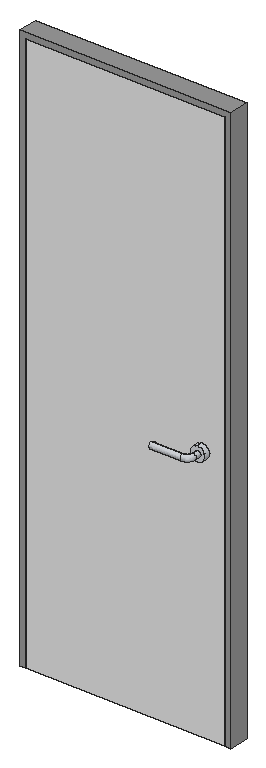
Revit family "- Roman", category Doors, host Wall, Revit 2018
Family settings
  Host = Wall
  OmniClass Number = 23.30.10.00
  OmniClass Title = Doors
  Always vertical = Yes
  Cut with Voids When Loaded = No
  Shared = No
  Room Calculation Point = No
Parameters (values of type "- 70 x 200 cm")
  Set de Marcos = ""
  Relleno = ""
  Material Marco = - Perfil Aluminio
  Material Hoja = - HDF Prefinish
  Manilla = - Manilla
  Hojas = "Simple de Abatir"
  Function = Interior
  Frame Projection Ext. = 2.50 cm
  Frame Projection Int. = 2.50 cm
  Frame Width = 7.50 cm
  Height = 200.00 cm
  Wall Closure = By host
  Width = 74.00 cm
  Distancia a Cara Interior = 6.00 cm
  Bisagras = ""
  Ancho Hoja = Width - 4.00 cm  # 70.00 cm
  Ancho = Width  # 74.00 cm
  Analytic Construction = "<None>"
  Alto = Height  # 200.00 cm
Types (12, lengths in cm): name | Material Hoja | Height | Width | Ancho Hoja | Ancho | Alto
  - 70 x 200 cm | - HDF Prefinish | 200.00 | 74.00 | 70.00 | 74.00 | 200.00
  - 75 x 200 cm | none | 200.00 | 79.00 | 75.00 | 79.00 | 200.00
  - 80 x 200 cm | none | 200.00 | 84.00 | 80.00 | 84.00 | 200.00
  - 85 x 200 cm | none | 200.00 | 89.00 | 85.00 | 89.00 | 200.00
  - 90 x 200 cm | none | 200.00 | 94.00 | 90.00 | 94.00 | 200.00
  -100 x 200 cm | none | 200.00 | 104.00 | 100.00 | 104.00 | 200.00
  - 70 x 210 cm | none | 210.00 | 74.00 | 70.00 | 74.00 | 210.00
  - 75 x 210 cm | none | 210.00 | 79.00 | 75.00 | 79.00 | 210.00
  - 80 x 210 cm | none | 210.00 | 84.00 | 80.00 | 84.00 | 210.00
  - 85 x 210 cm | none | 210.00 | 89.00 | 85.00 | 89.00 | 210.00
  - 90 x 210 cm | - HDF Prefinish | 210.00 | 94.00 | 90.00 | 94.00 | 210.00
  - 100 x 210 cm | - HDF Siena | 210.00 | 104.00 | 100.00 | 104.00 | 210.00
Reference planes (cm)
  plane 1: y = 0
  plane 2 "Center (Left/Right)": x = 0
  plane 3 "Left": x = -37
  plane 4 "Right": x = 37
  plane 5: z = 200
  plane 6 "Exterior": y = 7.5
  plane 7 "Interior": y = -7.5
  plane 8: y = -1.5
  plane 9: z = 198
  plane 10: x = -35
  plane 11: x = 35
Forms (cm)
  Sweep 1, solid, material "- Perfil Aluminio" <- "Material Marco"
    path origin (0, 7.5, 0) x (1, 0, 0) y (0, 0, 1)
      loop
        line (37, 0) -> (37, 200) -> (-37, 200) -> (-37, 0)
    profile origin (37, 7.5, 100) x (-1, 0, 0) y (0, -1, 0)
      loop
        line (0, 2) -> (3, 2) -> (3, 4.3) -> (2, 4.3) -> (2, 9) -> (0, 9) -> (0, 2)
  Extrusion 2, solid, material "- HDF Prefinish" <- "Material Hoja"
    sketch origin (0, 0, 0) x (1, 0, 0) y (0, 1, 0)
      loop
        line (-35, -1.5) -> (35, -1.5) -> (35, 3) -> (-35, 3) -> (-35, -1.5)
    from 0 to 198
  Sweep 3, solid, material "- Manilla" <- "Manilla", not visible
    path origin (5.8483, -7.5601, 0) x (1, 0, 0) y (0, 1, 0)
      loop
        line (22.1517, 15.0613) -> (32.1517, 15.0613)
        arc (32.1517, 15.0613) -> (33.5659, 14.4756) -> (34.1517, 13.0613) r 2
        line (34.1517, 13.0613) -> (34.1517, 11.0613)
    profile origin (33, 7.5012, 0) x (0, 1, 0) y (0, 0, 1)
      loop
        circle (0, 90) r 1
  Extrusion 4, solid, material "- Manilla" <- "Manilla", not visible
    sketch origin (0, 7.5, 0) x (1, 0, 0) y (0, 0, 1)
      loop
        circle (40, 90) r 2.5
    from 3.9988 to 5
Lines and regions (cm)
  Opening 1
    outline origin (-305, -7.5, 0) x (1, 0, 0) y (0, 0, 1)
      loop
        line (268, 0) -> (342, 0) -> (342, 200) -> (268, 200) -> (268, 0)
  symbolic lines, style "Elevation Swing"
    curve 1: line (37, -7.5, 100) -> (-37, -7.5, 200)
    curve 2: line (37, -7.5, 100) -> (-37, -7.5, 0)
    curve 7: arc (-30.5, -71.5, 0) -> (16.4246, -49.6941, 0) -> (35.2596, -1.5001, 0) r 69.4706
  symbolic lines
    curve 3: line (-35, -1.5, 0) -> (-35, -71.5, 0)
    curve 4: line (-30.5, -1.5, 0) -> (-35, -1.5, 0)
    curve 5: line (-30.5, -71.5, 0) -> (-30.5, -1.5, 0)
    curve 6: line (-35, -71.5, 0) -> (-30.5, -71.5, 0)
  model lines, not visible
    curve 8: line (-20, 3, 25) -> (20, 3, 25)
    curve 9: line (-20, 3, 65) -> (-20, 3, 25)
    curve 10: line (20, 3, 65) -> (8.6603, 3, 65)
    curve 11: line (20, 3, 25) -> (20, 3, 65)
    curve 12: line (-20, 3, 75) -> (-8.6603, 3, 75)
    curve 13: line (-20, 3, 75) -> (-20, 3, 169.9666)
    curve 14: line (20, 3, 75) -> (20, 3, 169.9666)
    curve 15: arc (-8.6603, 3, 65) -> (0, 3, 60) -> (8.6603, 3, 65) r 10
    curve 16: line (8.6603, 3, 75) -> (20, 3, 75)
    curve 17: line (-8.6603, 3, 65) -> (-20, 3, 65)
    curve 18: arc (8.6603, 3, 75) -> (0, 3, 80) -> (-8.6603, 3, 75) r 10
    curve 19: arc (14.9666, 3, 175) -> (0, 3, 183) -> (-14.9666, 3, 175) r 18
    curve 20: arc (-20, 3, 169.9666) -> (-16.4409, 3, 171.4409) -> (-14.9666, 3, 175) r 5.0334
    curve 21: arc (14.9666, 3, 175) -> (16.4409, 3, 171.4409) -> (20, 3, 169.9666) r 5.0334
    curve 22: line (-9.2195, 3, 64) -> (-19, 3, 64)
    curve 23: line (-19, 3, 64) -> (-19, 3, 26)
    curve 24: arc (9.2195, 3, 64) -> (0, 3, 59) -> (-9.2195, 3, 64) r 11
    curve 25: line (19, 3, 64) -> (9.2195, 3, 64)
    curve 26: line (19, 3, 26) -> (19, 3, 64)
    curve 27: line (-19, 3, 26) -> (19, 3, 26)
    curve 28: line (-18.9928, 3, 168.9932) -> (-18.9928, 3, 76)
    curve 29: arc (-13.9941, 3, 174.9045) -> (-15.4113, 3, 171.0338) -> (-18.9928, 3, 168.9932) r 5.9946
    curve 30: arc (13.9971, 3, 174.7848) -> (0.0327, 3, 182.1538) -> (-13.9941, 3, 174.9045) r 17.0542
    curve 31: arc (19, 3, 169.1276) -> (15.4988, 3, 171.072) -> (13.9971, 3, 174.7848) r 6.0089
    curve 32: line (19, 3, 76) -> (19, 3, 169.1276)
    curve 33: line (9.2195, 3, 76) -> (19, 3, 76)
    curve 34: arc (-9.2195, 3, 76) -> (0, 3, 81) -> (9.2195, 3, 76) r 11
    curve 35: line (-18.9928, 3, 76) -> (-9.2195, 3, 76)
    curve 36: arc (12.052, 3, 174.0667) -> (0.0498, 3, 180.1537) -> (-12.0243, 3, 174.2107) r 15.0542
    curve 37: arc (-12.0243, 3, 174.2107) -> (-13.561, 3, 170.1508) -> (-16.9928, 3, 167.4925) r 7.9946
    curve 38: line (-16.9928, 3, 167.4925) -> (-16.9928, 3, 78)
    curve 39: line (17, 3, 78) -> (17, 3, 167.6269)
    curve 40: arc (17, 3, 167.6269) -> (13.6492, 3, 170.1731) -> (12.052, 3, 174.0667) r 8.0089
    curve 41: line (-16.9928, 3, 78) -> (-10.247, 3, 78)
    curve 42: arc (-10.247, 3, 78) -> (0, 3, 83) -> (10.247, 3, 78) r 13
    curve 43: line (10.247, 3, 78) -> (17, 3, 78)
    curve 44: line (-10.247, 3, 62) -> (-17, 3, 62)
    curve 45: arc (10.247, 3, 62) -> (0, 3, 57) -> (-10.247, 3, 62) r 13
    curve 46: line (17, 3, 62) -> (10.247, 3, 62)
    curve 47: line (17, 3, 28) -> (17, 3, 62)
    curve 48: line (-17, 3, 28) -> (17, 3, 28)
    curve 49: line (-17, 3, 62) -> (-17, 3, 28)
    curve 50: line (-314, -1.5, 25) -> (-274, -1.5, 25)
    curve 51: line (-314, -1.5, 65) -> (-314, -1.5, 25)
    curve 52: line (-274, -1.5, 25) -> (-274, -1.5, 65)
    curve 53: line (-314, -1.5, 70) -> (-274, -1.5, 70)
    curve 54: line (-314, -1.5, 70) -> (-314, -1.5, 87)
    curve 55: line (-274, -1.5, 70) -> (-274, -1.5, 87)
    curve 56: line (-274, -1.5, 65) -> (-314, -1.5, 65)
    curve 57: line (-275, -1.5, 64) -> (-313, -1.5, 64)
    curve 58: line (-313, -1.5, 64) -> (-313, -1.5, 26)
    curve 59: line (-275, -1.5, 26) -> (-275, -1.5, 64)
    curve 60: line (-313, -1.5, 26) -> (-275, -1.5, 26)
    curve 61: line (-312.9928, -1.5, 86) -> (-312.9928, -1.5, 71)
    curve 62: line (-275, -1.5, 71) -> (-275, -1.5, 86)
    curve 63: line (-312.9928, -1.5, 71) -> (-275, -1.5, 71)
    curve 64: line (-310.9928, -1.5, 84) -> (-310.9928, -1.5, 73)
    curve 65: line (-277, -1.5, 73) -> (-277, -1.5, 84)
    curve 66: line (-310.9928, -1.5, 73) -> (-277, -1.5, 73)
    curve 67: line (-277, -1.5, 62) -> (-311, -1.5, 62)
    curve 68: line (-277, -1.5, 28) -> (-277, -1.5, 62)
    curve 69: line (-311, -1.5, 28) -> (-277, -1.5, 28)
    curve 70: line (-311, -1.5, 62) -> (-311, -1.5, 28)
    curve 71: line (-310.9928, -1.5, 84) -> (-277, -1.5, 84)
    curve 72: line (-314, -1.5, 87) -> (-274, -1.5, 87)
    curve 73: line (-312.9928, -1.5, 86) -> (-275, -1.5, 86)
    curve 74: line (-310.9928, -1.5, 84) -> (-277, -1.5, 84)
    curve 75: line (-314, -1.5, 97) -> (-274, -1.5, 97)
    curve 76: line (-314, -1.5, 185) -> (-314, -1.5, 97)
    curve 77: line (-274, -1.5, 97) -> (-274, -1.5, 185)
    curve 78: line (-274, -1.5, 185) -> (-314, -1.5, 185)
    curve 79: line (-275, -1.5, 184) -> (-313, -1.5, 184)
    curve 80: line (-313, -1.5, 184) -> (-313, -1.5, 98)
    curve 81: line (-275, -1.5, 98) -> (-275, -1.5, 184)
    curve 82: line (-313, -1.5, 98) -> (-275, -1.5, 98)
    curve 83: line (-277, -1.5, 182) -> (-311, -1.5, 182)
    curve 84: line (-277, -1.5, 100) -> (-277, -1.5, 182)
    curve 85: line (-311, -1.5, 100) -> (-277, -1.5, 100)
    curve 86: line (-311, -1.5, 182) -> (-311, -1.5, 100)
    curve 87: line (-320, 3, 25) -> (-280, 3, 25)
    curve 88: line (-320, 3, 65) -> (-320, 3, 25)
    curve 89: line (-280, 3, 25) -> (-280, 3, 65)
    curve 90: line (-320, 3, 72.5) -> (-280, 3, 72.5)
    curve 91: line (-280, 3, 65) -> (-320, 3, 65)
    curve 92: line (-281, 3, 64) -> (-319, 3, 64)
    curve 93: line (-319, 3, 64) -> (-319, 3, 26)
    curve 94: line (-281, 3, 26) -> (-281, 3, 64)
    curve 95: line (-319, 3, 26) -> (-281, 3, 26)
    curve 96: line (-319, 3, 73.5) -> (-281, 3, 73.5)
    curve 97: line (-317, 3, 75.5) -> (-283, 3, 75.5)
    curve 98: line (-283, 3, 62) -> (-317, 3, 62)
    curve 99: line (-283, 3, 28) -> (-283, 3, 62)
    curve 100: line (-317, 3, 28) -> (-283, 3, 28)
    curve 101: line (-317, 3, 62) -> (-317, 3, 28)
    curve 102: line (-320, 3, 179.3431) -> (-320, 3, 72.5)
    curve 103: line (-280, 3, 72.5) -> (-280, 3, 179.3431)
    curve 104: line (-319, 3, 178.3431) -> (-319, 3, 73.5)
    curve 105: line (-281, 3, 73.5) -> (-281, 3, 178.3431)
    curve 106: line (-283, 3, 75.5) -> (-283, 3, 176.3431)
    curve 107: line (-317, 3, 176.3431) -> (-317, 3, 75.5)
    curve 108: arc (-292, 3, 181) -> (-300, 3, 185) -> (-308, 3, 181) r 10
    curve 109: arc (-292, 3, 181) -> (-290.1648, 3, 179.7737) -> (-288, 3, 179.3431) r 5.6569
    curve 110: arc (-308, 3, 181) -> (-309.8352, 3, 179.7737) -> (-312, 3, 179.3431) r 5.6569
    curve 111: line (-288, 3, 179.3431) -> (-280, 3, 179.3431)
    curve 112: line (-312, 3, 179.3431) -> (-320, 3, 179.3431)
    curve 113: line (-281, 3, 178.3431) -> (-288, 3, 178.3431)
    curve 114: arc (-288, 3, 178.3431) -> (-290.5825, 3, 178.8645) -> (-292.7604, 3, 180.3468) r 6.6569
    curve 115: arc (-292.7604, 3, 180.3468) -> (-300, 3, 184) -> (-307.2396, 3, 180.3468) r 9
    curve 116: arc (-307.2396, 3, 180.3468) -> (-309.4175, 3, 178.8645) -> (-312, 3, 178.3431) r 6.6569
    curve 117: line (-312, 3, 178.3431) -> (-319, 3, 178.3431)
    curve 118: line (-283, 3, 176.3431) -> (-288, 3, 176.3431)
    curve 119: arc (-288, 3, 176.3431) -> (-291.43, 3, 177.0516) -> (-294.2985, 3, 179.0611) r 8.6569
    curve 120: arc (-294.2985, 3, 179.0611) -> (-300, 3, 182) -> (-305.7015, 3, 179.0611) r 7
    curve 121: arc (-305.7015, 3, 179.0611) -> (-308.57, 3, 177.0516) -> (-312, 3, 176.3431) r 8.6569
    curve 122: line (-312, 3, 176.3431) -> (-317, 3, 176.3431)
    curve 130: line (300, -1.5, 25) -> (344, -1.5, 25)
    curve 131: line (300, -1.5, 65) -> (300, -1.5, 25)
    curve 132: line (344, -1.5, 25) -> (344, -1.5, 65)
    curve 133: line (300, -1.5, 77.5) -> (344, -1.5, 77.5)
    curve 134: line (344, -1.5, 65) -> (300, -1.5, 65)
    curve 135: line (300, -1.5, 178.0252) -> (300, -1.5, 77.5)
    curve 136: line (344, -1.5, 77.5) -> (344, -1.5, 178.0252)
    curve 138: arc (300, -1.5, 178.0252) -> (322, -1.5, 185) -> (344, -1.5, 178.0252) r 38.1838
    curve 147: line (304, 3, 25) -> (348, 3, 25)
    curve 148: line (304, 3, 65) -> (304, 3, 25)
    curve 149: line (348, 3, 25) -> (348, 3, 65)
    curve 150: line (304, 3, 77.5) -> (348, 3, 77.5)
    curve 151: line (348, 3, 65) -> (304, 3, 65)
    curve 152: line (304, 3, 178.0252) -> (304, 3, 77.5)
    curve 153: line (348, 3, 77.5) -> (348, 3, 178.0252)
    curve 154: arc (304, 3, 178.0252) -> (326, 3, 185) -> (348, 3, 178.0252) r 38.1838
  model lines
    curve 123: line (-22, -1.5, 25) -> (22, -1.5, 25)
    curve 124: line (-22, -1.5, 65) -> (-22, -1.5, 25)
    curve 125: line (22, -1.5, 25) -> (22, -1.5, 65)
    curve 126: line (-22, -1.5, 77.5) -> (22, -1.5, 77.5)
    curve 127: line (22, -1.5, 65) -> (-22, -1.5, 65)
    curve 128: line (-22, -1.5, 178.0252) -> (-22, -1.5, 77.5)
    curve 129: line (22, -1.5, 77.5) -> (22, -1.5, 178.0252)
    curve 137: arc (-22, -1.5, 178.0252) -> (0, -1.5, 185) -> (22, -1.5, 178.0252) r 38.1838
    curve 139: line (-22, 3, 25) -> (22, 3, 25)
    curve 140: line (-22, 3, 65) -> (-22, 3, 25)
    curve 141: line (22, 3, 25) -> (22, 3, 65)
    curve 142: line (-22, 3, 77.5) -> (22, 3, 77.5)
    curve 143: line (22, 3, 65) -> (-22, 3, 65)
    curve 144: line (-22, 3, 178.0252) -> (-22, 3, 77.5)
    curve 145: line (22, 3, 77.5) -> (22, 3, 178.0252)
    curve 146: arc (-22, 3, 178.0252) -> (0, 3, 185) -> (22, 3, 178.0252) r 38.1838
Text (cm)
  text "Exterior" at (-229.5016, 109.9543, 0), in view "Ref. Level"
  text "Exterior" at (0, 161.538, 369.8081), in view "Left"
  text "Exterior" at (0, 103.6032, 387.4932), in view "Right"
Dimensions and locks (cm)
  equal spacing: plane 3 "Left", plane 2 "Center (Left/Right)", plane 4 "Right"
  "Width": plane 3 "Left" to plane 4 "Right"
  "Height": plane 5 to host wall
  equal spacing: host wall, curve 2, plane 5
  host wall to plane 5 = 200.00 cm
  locked: plane 6 "Exterior" to host wall at 0
  locked: plane 7 "Interior" to host wall
  "Distancia a Cara Interior": plane 7 "Interior" to plane 8
  locked: Sweep 1 sketch curve to Sweep 1 sketch curve at 7
  locked: plane 9 to plane 5 at 2
  locked: curve 3 to curve 5 at 4.5
  locked: plane 3 "Left" to plane 10 at 2
  locked: plane 11 to plane 4 "Right" at 2
  "Ancho Hoja": curve 6 to curve 4
  locked: Extrusion 2 sketch curve to Extrusion 2 sketch curve at 4.5
  locked: nested 1 to plane 4 "Right" at 10
  level to nested 1 = 90.00 cm
  locked: nested 2 to plane 4 "Right" at 10
  locked: nested 2 to level at 90
  locked: Sweep 1 sketch curve to Sweep 1 sketch curve at 2.3
  curve 125 to plane 2 "Center (Left/Right)" = 22.00 cm
  locked: curve 137 to Extrusion 2 at 185
  locked: Extrusion 2 to curve 146 at 185
  locked: plane 2 "Center (Left/Right)" to curve 140 at 22
  aligned and locked: plane 3 "Left" to Opening 1 sketch curve
  aligned and locked: plane 5 to Opening 1 sketch curve  (x2)
  aligned and locked: Opening 1 sketch curve to plane 4 "Right"
  aligned and locked: Opening 1 sketch curve to level
  aligned and locked: plane 5 to curve 1
  aligned and locked: plane 3 "Left" to curve 2
  aligned and locked: plane 1 to host wall
  aligned and locked: plane 3 "Left" to curve 1
  aligned and locked: plane 8 to Sweep 1 sketch curve
  aligned and locked: Extrusion 2 sketch curve to plane 8
  aligned and locked: Sweep 1 to level
  aligned and locked: plane 10 to curve 3
  aligned and locked: Sweep 3 to Extrusion 4
  aligned and locked: Extrusion 2 to plane 9
Automatic sketch dimensions
  plane 4 "Right" to curve 2 = 0.00 cm
  curve 2 to level = 0.00 cm
  plane 3 "Left" to Sweep 1 sketch curve = 0.00 cm
  plane 4 "Right" to Sweep 1 sketch curve = 0.00 cm
  Sweep 1 sketch curve to level = 0.00 cm  (x2)
  Sweep 1 sketch curve to plane 5 = 0.00 cm
  Sweep 1 sketch curve to profile plane = 0.00 cm
  Sweep 1 sketch curve to profile plane = 2.00 cm
  Sweep 1 sketch curve to Sweep 1 sketch curve = 1.00 cm
  curve 7 to plane 8 = 0.0001 cm
  curve 7 to plane 11 = 0.2596 cm
  curve 4 to plane 8 = 0.00 cm
  curve 7 to plane 10 = 0.7919 cm
  Sweep 3 sketch curve to Sweep 3 sketch curve = 10.00 cm
  Sweep 3 sketch curve to Sweep 3 sketch curve = 2.00 cm  (x2)
  Sweep 3 sketch curve to profile plane = 0.00 cm
  profile plane to Sweep 3 sketch curve = 90.00 cm
  Extrusion 2 sketch curve to plane 10 = 0.00 cm
  Extrusion 2 sketch curve to plane 11 = 0.00 cm
  curve 15 to curve 18 = 0.00 cm  (x4)
  curve 15 to curve 24 = 0.00 cm  (x4)
  curve 15 to curve 34 = 0.00 cm  (x4)
  curve 15 to curve 42 = 0.00 cm  (x4)
  curve 15 to curve 45 = 0.00 cm  (x4)
  curve 29 to curve 37 = 0.00 cm  (x4)
  curve 30 to curve 36 = 0.00 cm  (x4)
  curve 31 to curve 40 = 0.00 cm  (x4)
  curve 8 to curve 31 = 0.00 cm
  curve 21 to curve 31 = 0.00 cm
  curve 14 to curve 32 = 1.00 cm
  curve 10 to curve 26 = 1.00 cm
  curve 26 to curve 47 = 2.00 cm
  curve 32 to curve 39 = 2.00 cm
  curve 46 to curve 46 = 6.753 cm
  curve 39 to curve 43 = 6.753 cm
  curve 42 to curve 33 = 1.0274 cm
  curve 45 to curve 25 = 1.0274 cm
  curve 33 to curve 16 = 0.5593 cm
  curve 24 to curve 10 = 0.5593 cm
  curve 16 to curve 24 = 8.6603 cm
  curve 39 to curve 19 = 17.00 cm
  curve 19 to curve 36 = 0.0402 cm
  curve 15 to curve 12 = 8.6603 cm
  curve 15 to curve 17 = 8.6603 cm
  curve 15 to curve 22 = 0.5593 cm
  curve 12 to curve 35 = 0.5593 cm
  curve 22 to curve 44 = 1.0274 cm
  curve 34 to curve 41 = 1.0274 cm
  curve 41 to curve 38 = 6.7459 cm
  curve 47 to curve 48 = 34.00 cm
  curve 38 to curve 35 = 2.00 cm
  curve 44 to curve 22 = 2.00 cm
  curve 28 to curve 29 = 0.9959 cm
  curve 29 to curve 20 = 0.0113 cm
  curve 22 to curve 17 = 1.00 cm
  curve 8 to curve 26 = 1.00 cm
  curve 23 to curve 49 = 2.00 cm
  curve 48 to curve 49 = 34.00 cm
  curve 45 to curve 25 = 2.00 cm
  curve 25 to curve 10 = 1.00 cm
  curve 10 to curve 45 = 5.00 cm
  curve 10 to curve 16 = 10.00 cm
  curve 12 to curve 35 = 1.00 cm
  curve 34 to curve 41 = 2.00 cm
  curve 41 to curve 19 = 87.00 cm
  curve 19 to curve 30 = 0.0997 cm
  curve 36 to curve 38 = 2.3928 cm
  curve 19 to curve 39 = 2.6269 cm
  curve 37 to curve 28 = 1.5007 cm
  curve 39 to curve 32 = 1.5007 cm
  curve 28 to curve 13 = 0.9734 cm
  curve 31 to curve 14 = 0.839 cm
  curve 13 to curve 29 = 4.9378 cm
  curve 29 to curve 20 = 0.0955 cm
  curve 21 to curve 40 = 0.0527 cm
  curve 31 to curve 36 = 1.9451 cm
  curve 55 to curve 62 = 1.4142 cm
  curve 59 to curve 68 = 2.8284 cm
  curve 62 to curve 65 = 2.8284 cm
  curve 53 to curve 63 = 1.4142 cm
  curve 57 to curve 67 = 2.8284 cm
  curve 66 to curve 64 = 33.9928 cm
  curve 68 to curve 69 = 34.00 cm
  curve 64 to curve 63 = 2.8284 cm
  curve 67 to curve 57 = 2.8284 cm
  curve 57 to curve 56 = 1.4142 cm
  curve 50 to curve 59 = 1.4142 cm
  curve 58 to curve 70 = 2.8284 cm
  curve 69 to curve 70 = 34.00 cm  (x2)
  curve 53 to curve 63 = 1.4193 cm
  curve 65 to curve 62 = 2.8284 cm
  curve 61 to curve 54 = 1.4193 cm
  curve 18 to curve 24 = 0.00 cm  (x2)
  curve 18 to curve 34 = 0.00 cm  (x2)
  curve 18 to curve 42 = 0.00 cm  (x2)
  curve 18 to curve 45 = 0.00 cm  (x2)
  curve 24 to curve 34 = 0.00 cm  (x2)
  curve 24 to curve 42 = 0.00 cm  (x2)
  curve 24 to curve 45 = 0.00 cm  (x2)
  curve 34 to curve 42 = 0.00 cm  (x2)
  curve 34 to curve 45 = 0.00 cm  (x2)
  curve 42 to curve 45 = 0.00 cm  (x2)
  curve 72 to curve 51 = 0.00 cm
  curve 75 to curve 54 = 0.00 cm
  curve 76 to curve 79 = 1.00 cm
  curve 51 to curve 57 = 1.00 cm
  curve 53 to curve 63 = 1.0072 cm
  curve 79 to curve 86 = 2.00 cm
  curve 58 to curve 70 = 2.00 cm
  curve 61 to curve 66 = 2.00 cm
  curve 64 to curve 65 = 33.9928 cm
  curve 69 to curve 69 = 34.00 cm
  curve 85 to curve 65 = 0.00 cm
  curve 68 to curve 60 = 2.00 cm
  curve 65 to curve 63 = 2.00 cm
  curve 84 to curve 82 = 2.00 cm
  curve 62 to curve 55 = 1.00 cm
  curve 57 to curve 56 = 1.00 cm  (x2)
  curve 79 to curve 78 = 1.00 cm  (x2)
  curve 50 to curve 59 = 1.00 cm
  curve 59 to curve 68 = 2.00 cm
  curve 67 to curve 57 = 2.00 cm
  curve 52 to curve 53 = 5.00 cm
  curve 53 to curve 63 = 1.00 cm
  curve 62 to curve 66 = 2.00 cm
  curve 65 to curve 71 = 11.00 cm
  curve 65 to curve 62 = 2.00 cm
  curve 62 to curve 72 = 1.00 cm
  curve 55 to curve 75 = 10.00 cm
  curve 75 to curve 82 = 1.00 cm
  curve 81 to curve 84 = 2.00 cm
  curve 84 to curve 84 = 82.00 cm
  curve 83 to curve 79 = 2.00 cm
  curve 87 to curve 90 = 0.00 cm
  curve 103 to curve 105 = 1.00 cm
  curve 89 to curve 92 = 1.00 cm
  curve 105 to curve 106 = 2.00 cm
  curve 92 to curve 99 = 2.00 cm
  curve 98 to curve 98 = 34.00 cm
  curve 106 to curve 107 = 34.00 cm
  curve 97 to curve 96 = 2.00 cm
  curve 98 to curve 92 = 2.00 cm
  curve 96 to curve 102 = 1.00 cm
  curve 92 to curve 91 = 1.00 cm
  curve 87 to curve 94 = 1.00 cm
  curve 94 to curve 99 = 2.00 cm
  curve 100 to curve 101 = 34.00 cm
  curve 98 to curve 93 = 2.00 cm
  curve 92 to curve 89 = 1.00 cm
  curve 89 to curve 103 = 7.50 cm
  curve 90 to curve 105 = 1.00 cm
  curve 96 to curve 106 = 2.00 cm
  curve 97 to curve 107 = 100.8431 cm
  curve 106 to curve 107 = 0.00 cm
  curve 106 to curve 105 = 2.00 cm
  curve 105 to curve 103 = 1.00 cm
  curve 123 to curve 126 = 52.50 cm
  curve 125 to curve 129 = 12.50 cm  (x2)
  curve 130 to curve 133 = 52.50 cm
  curve 132 to curve 136 = 12.50 cm  (x2)
  curve 108 to curve 115 = 0.00 cm  (x4)
  curve 108 to curve 120 = 0.00 cm  (x4)
  curve 109 to curve 114 = 0.00 cm  (x3)
  curve 109 to curve 119 = 0.00 cm  (x4)
  curve 110 to curve 116 = 0.00 cm  (x3)
  curve 110 to curve 121 = 0.00 cm  (x3)
  curve 114 to curve 119 = 0.00 cm  (x3)
  curve 116 to curve 121 = 0.00 cm  (x4)
  curve 106 to curve 111 = 5.00 cm
  curve 118 to curve 115 = 12.00 cm
  curve 110 to curve 104 = 7.00 cm
  curve 115 to curve 106 = 1.3431 cm
  curve 122 to curve 117 = 2.00 cm
  curve 117 to curve 112 = 1.00 cm
  curve 110 to curve 121 = 5.6569 cm
  curve 111 to curve 109 = 5.6569 cm
  curve 109 to curve 109 = 4.00 cm
  curve 108 to curve 115 = 0.7604 cm
  curve 115 to curve 119 = 1.5381 cm
  curve 115 to curve 120 = 0.00 cm  (x2)
  curve 128 to curve 124 = 0.00 cm
  curve 135 to curve 131 = 0.00 cm
  curve 139 to curve 142 = 52.50 cm
  curve 141 to curve 145 = 12.50 cm  (x3)
  curve 144 to curve 140 = 113.0252 cm
  curve 147 to curve 150 = 52.50 cm
  curve 149 to curve 153 = 12.50 cm  (x3)
  curve 152 to curve 148 = 113.0252 cm
  curve 139 to curve 142 = 0.00 cm
  curve 147 to curve 150 = 0.00 cm
  curve 146 to curve 146 = 22.00 cm
  curve 146 to curve 144 = 22.00 cm
  curve 142 to curve 146 = 69.3162 cm
  curve 146 to curve 145 = 31.209 cm
  curve 139 to curve 140 = 44.00 cm
  curve 139 to curve 140 = 40.00 cm
  curve 154 to curve 154 = 22.00 cm
  curve 154 to curve 152 = 22.00 cm
  curve 150 to curve 154 = 69.3162 cm
  curve 154 to curve 153 = 31.209 cm
  curve 147 to curve 148 = 44.00 cm
  curve 147 to curve 148 = 40.00 cm
  curve 128 to curve 137 = 22.00 cm
  curve 129 to curve 125 = 0.00 cm
  curve 126 to curve 137 = 69.3162 cm
  curve 137 to curve 129 = 31.209 cm
  curve 123 to curve 125 = 44.00 cm
  curve 123 to curve 124 = 40.00 cm
  curve 135 to curve 138 = 22.00 cm
  curve 136 to curve 132 = 0.00 cm
  curve 133 to curve 138 = 69.3162 cm
  curve 138 to curve 136 = 31.209 cm
  curve 130 to curve 132 = 44.00 cm
  curve 130 to curve 131 = 40.00 cm
  radius of Sweep 3 sketch curve = 1.00 cm
  radius of Extrusion 4 sketch curve = 2.50 cm
Nested families (cm)
  nested 1: "- Manilla Generica Puerta" at (27, 3, 90) x (0, 0, -1) z (0, 1, 0), type "- Manilla Generica Puerta"
  nested 2: "- Manilla Generica Puerta" at (27, -1.5, 90) x (0, 0, -1) z (0, -1, 0), type "- Manilla Generica Puerta"
Definition of nested family "- Manilla Generica Puerta"
  Parameters (values of type "- Manilla Generica Puerta")
    Manilla = none
    Default Elevation = 121.92 cm
  Reference planes (cm)
    plane 1 "Center (Front/Back)": y = 0
    plane 2: z = 0
    plane 3 "Center (Left/Right)": x = 0
    plane 4: z = 2
  Forms (cm)
    Extrusion 1, solid
      sketch origin (0, 0, 0) x (1, 0, 0) y (0, 1, 0)
        loop
          line (-121.92, 121.92) -> (-121.92, -121.92) -> (121.92, -121.92) -> (121.92, 121.92) -> (-121.92, 121.92)
      from 0 to -30.48
    Extrusion 2, solid, material <- "Manilla"
      sketch origin (0, 0, 0) x (1, 0, 0) y (0, 1, 0)
        loop
          circle (0, 0) r 2.5
      from 0 to 2
    Sweep 3, solid, material <- "Manilla"
      path origin (0, 0, 0) x (0, 1, 0) y (0, 0, 1)
        loop
          line (0, 2) -> (0, 4)
          arc (0, 4) -> (0.5858, 5.4142) -> (2, 6) r 2
          line (2, 6) -> (13, 6)
      profile origin (0, 0, 3) x (0, -1, 0) y (1, 0, 0)
        loop
          circle (0, 0) r 1
  Dimensions and locks (cm)
    locked: Extrusion 2 to Extrusion 2 at 2
    locked: plane 4 to level at 2
    aligned and locked: plane 2 to Extrusion 1
    aligned and locked: level to Extrusion 1
    aligned and locked: plane 4 to Sweep 3
